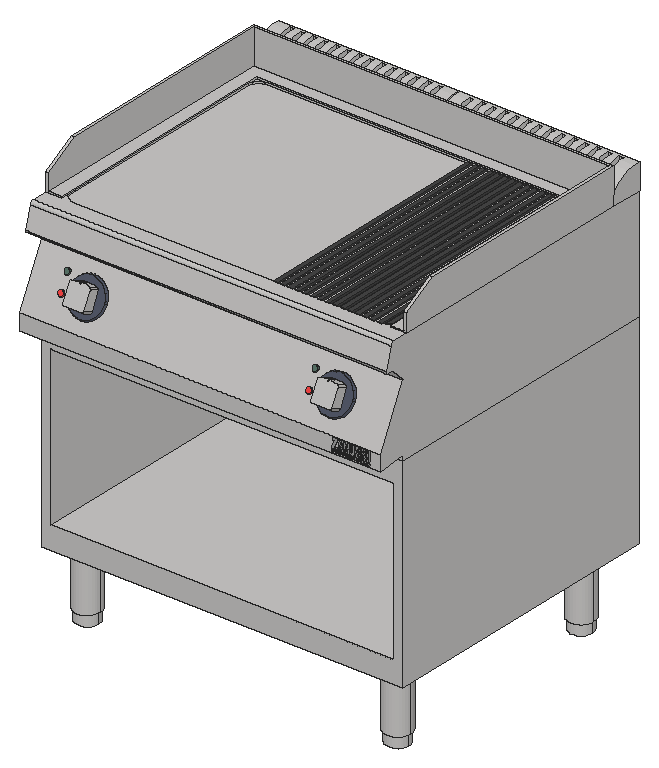
Revit family "QF_ZANUSSI_372345_Z7IIMABLMEA", category Specialty Equipment, Revit 2018
Family settings
  Round Connector Dimension = Use Diameter
  Part Type = Normal
  Work Plane-Based = No
  Always vertical = Yes
  Cut with Voids When Loaded = No
  Shared = No
  Room Calculation Point = No
Parameters (values of type "Standard")
  Weight = 80.00 kg
  Watts = 0 W
  Volts = 0 V
  URL Manufacturer = "http://www.zanussiprofessional.com"
  URL = "http://www.zanussiprofessional.com"
  Steam Supply Size = 0"
  Steam Supply Minimum Pressure = 0.00 psi
  Steam Supply Maximum Pressure = 0.00 psi
  Steam Pounds per Hour = 0
  Show Logo [instance] = yes
  Show Clearance [instance] = yes
  Refrigeration Suction Line Size = 0"
  Refrigeration Liquid Line Size = 0"
  Refrigerant Compressor Remote = yes
  Phase = 0
  Model = "Z7IIMABLMEA"
  Manufacturer = "Zanussi"
  Length Actual = 800 mm  # constant formula
  Item Number = "372345"
  Hot Water Size = 0"
  Height Actual = 850 mm  # constant formula
  HP = "0 HP"
  Gas Size = 1/2"
  Gas KW = 14
  Gas Input Pressure = 0.469158 Btu/h
  Direct Waste Size = 0"
  Description = "GAS FRY TOP-SMOOTH+RIBBED PLATE+BASE 800MM-BRUSHED CHROME"
  Depth Actual = 700 mm  # constant formula
  Cycle = 0 Hz
  Condensate Return Size = 0"
  Compressed Air Volume = 0 GPM
  Compressed Air Size = 0"
  Compressed Air Pressure = 0.00 psi
  Cold Water Size = 0"
  Assembly Code = ""
  Accessory = yes
Reference planes
  plane 1 "BACK": y = 0
  plane 2: z = 0
  plane 3 "LEFT": x = 0
  plane 4 "RIGHT": x = 800
  plane 5 "FRONT": y = -716
  plane 6 "TOP": z = 288.925
  plane 7 "Center Y": x = 400
  plane 8 "Center X": y = -358
  plane 9 "BASE": z = 600
  plane 10 "TOP A": z = 850
  plane 11: y = -597.884
  plane 12: y = -147.637
  plane 13: y = -700
  plane 14 "panel": through (-6096, -715, 65.146) normal (0, 0.8956, -0.4448)
  plane 15: z = 930
  plane 16: z = 850
  plane 17: z = 149
  plane 18: x = 748
  plane 19: y = -29
  plane 20: y = -506
Forms (mm)
  Extrusion 1, solid, material "QF_Finishes_Stainless Steel"
    sketch origin (0, 0, 576) x (0, 1, 0) y (0, 0, 1)
      loop
        line (0, 24) -> (0, 274) -> (-679.358, 274)
        arc (-679.358, 274) -> (-684.643, 271.811) -> (-686.833, 266.526) r 7.474
        line (-686.833, 266.526) -> (-699.884, 221.011)
        arc (-699.884, 221.011) -> (-699.396, 218.379) -> (-697, 217.184) r 3
        line (-697, 217.184) -> (-686.802, 217.184) -> (-654.982, 185.364) -> (-716, 64.508) -> (-716, 29.508) -> (-658.645, 37.428)
        arc (-658.645, 37.428) -> (-656.101, 36.674) -> (-655, 34.259) r 3.2
        line (-655, 34.259) -> (-655, 24) -> (0, 24)
    from 0 to 800
  Extrusion 2, void
    sketch origin (0, -2.381, 850) x (-1, 0, 0) y (0, -1, 0)
      loop
        arc (-60.425, 102.504) -> (-42.464, 109.943) -> (-35.025, 127.904) r 25.4
        line (-35.025, 127.904) -> (-35.025, 617.104)
        arc (-35.025, 617.104) -> (-42.464, 635.064) -> (-60.425, 642.504) r 25.4
        line (-60.425, 642.504) -> (-739.575, 642.504)
        arc (-739.575, 642.504) -> (-757.536, 635.064) -> (-764.975, 617.104) r 25.4
        line (-764.975, 617.104) -> (-764.975, 127.904)
        arc (-764.975, 127.904) -> (-757.536, 109.943) -> (-739.575, 102.504) r 25.4
        line (-739.575, 102.504) -> (-60.425, 102.504)
    from 0 to -3.2
  Extrusion 3, solid, material "QF_Finishes_Clearance", visible <- "Show Clearance", detail levels coarse
    sketch origin (0, 0, 576) x (1, 0, 0) y (0, 1, 0)
      loop
        line (0, -716) -> (0, 0) -> (800, 0) -> (800, -716) -> (900, -716) -> (900, 100) -> (-100, 100) -> (-100, -716) -> (0, -716)
    from -576 to 354
  Sweep 4, solid, material "QF_Finishes_Stainless Steel"
    path origin (0, -2.381, 850) x (-1, 0, 0) y (0, -1, 0)
      loop
        line (-764.975, 642.504) -> (-764.975, 102.504) -> (-35.025, 102.504) -> (-35.025, 642.504)
    profile origin (35.025, -374.885, 850) x (1, 0, 0) y (0, 0, 1)
      loop
        line (-35.025, 0) -> (0, 0) -> (0, 3.175) -> (-28.675, 3.175) -> (-28.675, 80) -> (-35.025, 80) -> (-35.025, 0)
  Extrusion 5, void
    sketch origin (0, -69.86, 850) x (0, 1, 0) y (0, 0, 1)
      loop
        line (-575.025, 40.119) -> (-501.995, 80) -> (-575.025, 80) -> (-575.025, 40.119)
    from 0 to 6.35
  Extrusion 6, void
    sketch origin (800, -644.885, 850) x (0, -1, 0) y (0, 0, 1)
      loop
        line (0, 40.119) -> (0, 80) -> (-73.03, 80) -> (0, 40.119)
    from 0 to 6.35
  Extrusion 7, solid, material "QF_Finishes_Stainless Steel"
    sketch origin (0, 0, 576) x (0, 1, 0) y (0, 0, 1)
      loop
        line (0, 274) -> (0, 331.492)
        arc (0, 331.492) -> (-38.8, 324.37) -> (-69.85, 300.038) r 82.447
        line (-69.85, 300.038) -> (-69.85, 274) -> (0, 274)
    from 0 to 400.05
  Extrusion 8, void
    sketch origin (0, 0, 850.638) x (0, -1, 0) y (1, 0, 0)
      loop
        line (6.761, 29.703) -> (63.911, 29.703) -> (63.911, 38.999) -> (6.761, 38.999) -> (6.761, 29.703)
      loop
        line (63.911, 64.487) -> (6.761, 64.487) -> (6.761, 55.191) -> (63.911, 55.191) -> (63.911, 64.487)
      loop
        line (63.911, 89.975) -> (6.761, 89.975) -> (6.761, 80.68) -> (63.911, 80.68) -> (63.911, 89.975)
      loop
        line (63.911, 115.464) -> (6.761, 115.464) -> (6.761, 106.168) -> (63.911, 106.168) -> (63.911, 115.464)
      loop
        line (63.911, 140.952) -> (6.761, 140.952) -> (6.761, 131.656) -> (63.911, 131.656) -> (63.911, 140.952)
      loop
        line (63.911, 166.44) -> (6.761, 166.44) -> (6.761, 157.145) -> (63.911, 157.145) -> (63.911, 166.44)
      loop
        line (63.911, 191.929) -> (6.761, 191.929) -> (6.761, 182.633) -> (63.911, 182.633) -> (63.911, 191.929)
      loop
        line (63.911, 217.417) -> (6.761, 217.417) -> (6.761, 208.121) -> (63.911, 208.121) -> (63.911, 217.417)
      loop
        line (63.911, 242.905) -> (6.761, 242.905) -> (6.761, 233.61) -> (63.911, 233.61) -> (63.911, 242.905)
      loop
        line (63.911, 268.394) -> (6.761, 268.394) -> (6.761, 259.098) -> (63.911, 259.098) -> (63.911, 268.394)
      loop
        line (63.911, 293.882) -> (6.761, 293.882) -> (6.761, 284.586) -> (63.911, 284.586) -> (63.911, 293.882)
      loop
        line (63.911, 319.37) -> (6.761, 319.37) -> (6.761, 310.075) -> (63.911, 310.075) -> (63.911, 319.37)
      loop
        line (63.911, 344.859) -> (6.761, 344.859) -> (6.761, 335.563) -> (63.911, 335.563) -> (63.911, 344.859)
      loop
        line (63.911, 370.347) -> (6.761, 370.347) -> (6.761, 361.051) -> (63.911, 361.051) -> (63.911, 370.347)
    from 25.4 to 63.5
  Extrusion 9, solid, material "QF_Finishes_Stainless Steel"
    sketch origin (400.05, 0, 576) x (0, 1, 0) y (0, 0, 1)
      loop
        line (0, 274) -> (0, 331.492)
        arc (0, 331.492) -> (-38.8, 324.37) -> (-69.85, 300.038) r 82.447
        line (-69.85, 300.038) -> (-69.85, 274) -> (0, 274)
    from 0 to 400.05
  Extrusion 10, void
    sketch origin (400.05, 0, 850.638) x (0, -1, 0) y (1, 0, 0)
      loop
        line (6.761, 29.653) -> (63.911, 29.653) -> (63.911, 38.949) -> (6.761, 38.949) -> (6.761, 29.653)
      loop
        line (63.911, 64.437) -> (6.761, 64.437) -> (6.761, 55.141) -> (63.911, 55.141) -> (63.911, 64.437)
      loop
        line (63.911, 89.925) -> (6.761, 89.925) -> (6.761, 80.63) -> (63.911, 80.63) -> (63.911, 89.925)
      loop
        line (63.911, 115.414) -> (6.761, 115.414) -> (6.761, 106.118) -> (63.911, 106.118) -> (63.911, 115.414)
      loop
        line (63.911, 140.902) -> (6.761, 140.902) -> (6.761, 131.606) -> (63.911, 131.606) -> (63.911, 140.902)
      loop
        line (63.911, 166.39) -> (6.761, 166.39) -> (6.761, 157.095) -> (63.911, 157.095) -> (63.911, 166.39)
      loop
        line (63.911, 191.879) -> (6.761, 191.879) -> (6.761, 182.583) -> (63.911, 182.583) -> (63.911, 191.879)
      loop
        line (63.911, 217.367) -> (6.761, 217.367) -> (6.761, 208.071) -> (63.911, 208.071) -> (63.911, 217.367)
      loop
        line (63.911, 242.855) -> (6.761, 242.855) -> (6.761, 233.56) -> (63.911, 233.56) -> (63.911, 242.855)
      loop
        line (63.911, 268.344) -> (6.761, 268.344) -> (6.761, 259.048) -> (63.911, 259.048) -> (63.911, 268.344)
      loop
        line (63.911, 293.832) -> (6.761, 293.832) -> (6.761, 284.536) -> (63.911, 284.536) -> (63.911, 293.832)
      loop
        line (63.911, 319.32) -> (6.761, 319.32) -> (6.761, 310.025) -> (63.911, 310.025) -> (63.911, 319.32)
      loop
        line (63.911, 344.809) -> (6.761, 344.809) -> (6.761, 335.513) -> (63.911, 335.513) -> (63.911, 344.809)
      loop
        line (63.911, 370.297) -> (6.761, 370.297) -> (6.761, 361.001) -> (63.911, 361.001) -> (63.911, 370.297)
    from 25.4 to 63.5
  Blend 11, solid, material "QF_Finishes_Navy Blue"
    base sketch origin (675, -684.991, 701.574) x (1, 0, 0) y (0, 0.444781, 0.895639)
      loop
        circle (0, 0) r 42.5
    top sketch origin (675, -684.991, 701.574) x (1, 0, 0) y (0, 0.444781, 0.895639)
      loop
        circle (0, 0) r 40.5
    from 0 to 5
  Extrusion 12, solid, material "QF_Finishes_Stainless Steel"
    sketch origin (675, -684.991, 701.574) x (1, 0, 0) y (0, 0.444781, 0.895639)
      loop
        arc (-21.147, 22.789) -> (-22.494, 21.685) -> (-23, 20.019) r 2.997
        line (-23, 20.019) -> (-23, -20.019)
        arc (-23, -20.019) -> (-22.122, -22.138) -> (-20.003, -23.016) r 2.997
        line (-20.003, -23.016) -> (20.003, -23.016)
        arc (20.003, -23.016) -> (22.122, -22.138) -> (23, -20.019) r 2.997
        line (23, -20.019) -> (23, 20.019)
        arc (23, 20.019) -> (22.494, 21.685) -> (21.147, 22.789) r 2.997
        arc (21.147, 22.789) -> (0, 26.984) -> (-21.147, 22.789) r 55.4
    from 10 to 34
  Extrusion 13, solid, material "QF_Plastic-Black-Matte"
    sketch origin (755, -684.991, 701.574) x (0, 0.444781, 0.895639) y (0, -0.895639, 0.444781)
      loop
        line (26.984, 34) -> (26.984, 19) -> (27.984, 19) -> (27.984, 34)
        arc (27.984, 34) -> (27.691, 34.707) -> (26.984, 35) r 1
        line (26.984, 35) -> (23.984, 35) -> (23.984, 34) -> (26.984, 34)
    from -81 to -79
  Extrusion 14, solid, material "QF_Finishes_Red"
    sketch origin (675, -689.439, 692.617) x (1, 0, 0) y (0, 0.444781, 0.895639)
      loop
        circle (-55.001, 0) r 6
    from 0 to 1.6
  Extrusion 15, solid, material "QF_Finishes_Stainless Steel"
    sketch origin (675, -684.991, 701.574) x (1, 0, 0) y (0, 0.444781, 0.895639)
      loop
        line (17.5, 17.5) -> (-17.5, 17.5) -> (-17.5, -17.5) -> (17.5, -17.5) -> (17.5, 17.5)
    from 5 to 10
  Extrusion 16, solid, material "QF_Finishes_DarkGreen"
    sketch origin (675, -671.648, 728.443) x (1, 0, 0) y (0, 0.444781, 0.895639)
      loop
        circle (-55.001, 0) r 6
    from 0 to 1.6
  Blend 17, solid, material "QF_Finishes_Navy Blue"
    base sketch origin (125, -684.991, 701.574) x (1, 0, 0) y (0, 0.444781, 0.895639)
      loop
        circle (0, 0) r 42.5
    top sketch origin (125, -684.991, 701.574) x (1, 0, 0) y (0, 0.444781, 0.895639)
      loop
        circle (0, 0) r 40.5
    from 0 to 5
  Extrusion 18, solid, material "QF_Finishes_Stainless Steel"
    sketch origin (125, -684.991, 701.574) x (1, 0, 0) y (0, 0.444781, 0.895639)
      loop
        arc (-21.147, 22.789) -> (-22.494, 21.685) -> (-23, 20.019) r 2.997
        line (-23, 20.019) -> (-23, -20.019)
        arc (-23, -20.019) -> (-22.122, -22.138) -> (-20.003, -23.016) r 2.997
        line (-20.003, -23.016) -> (20.003, -23.016)
        arc (20.003, -23.016) -> (22.122, -22.138) -> (23, -20.019) r 2.997
        line (23, -20.019) -> (23, 20.019)
        arc (23, 20.019) -> (22.494, 21.685) -> (21.147, 22.789) r 2.997
        arc (21.147, 22.789) -> (0, 26.984) -> (-21.147, 22.789) r 55.4
    from 10 to 34
  Extrusion 19, solid, material "QF_Plastic-Black-Matte"
    sketch origin (205, -684.991, 701.574) x (0, 0.444781, 0.895639) y (0, -0.895639, 0.444781)
      loop
        line (26.984, 34) -> (26.984, 19) -> (27.984, 19) -> (27.984, 34)
        arc (27.984, 34) -> (27.691, 34.707) -> (26.984, 35) r 1
        line (26.984, 35) -> (23.984, 35) -> (23.984, 34) -> (26.984, 34)
    from -81 to -79
  Extrusion 20, solid, material "QF_Finishes_Red"
    sketch origin (125, -689.439, 692.617) x (1, 0, 0) y (0, 0.444781, 0.895639)
      loop
        circle (-55.001, 0) r 6
    from 0 to 1.6
  Extrusion 21, solid, material "QF_Finishes_Stainless Steel"
    sketch origin (125, -684.991, 701.574) x (1, 0, 0) y (0, 0.444781, 0.895639)
      loop
        line (17.5, 17.5) -> (-17.5, 17.5) -> (-17.5, -17.5) -> (17.5, -17.5) -> (17.5, 17.5)
    from 5 to 10
  Extrusion 22, solid, material "QF_Finishes_DarkGreen"
    sketch origin (125, -671.648, 728.443) x (1, 0, 0) y (0, 0.444781, 0.895639)
      loop
        circle (-55.001, 0) r 6
    from 0 to 1.6
  Extrusion 23, solid, material "QF_Finishes_Stainless Steel"
    sketch origin (0, 0, 0) x (1, 0, 0) y (0, 1, 0)
      loop
        line (0, 0) -> (0, -655) -> (800, -655) -> (800, 0) -> (0, 0)
    from 149 to 600
  Extrusion 24, void
    sketch origin (830.077, -655, 0) x (1, 0, 0) y (0, 0, -1)
      loop
        line (-810.077, -199) -> (-810.077, -550) -> (-50.077, -550) -> (-50.077, -199) -> (-810.077, -199)
    from 0 to 507.362
  Extrusion 25, solid, material "QF_Finishes_Stainless Steel"
    sketch origin (0, 0, 139) x (1, 0, 0) y (0, 1, 0)
      loop
        circle (748, -506) r 10
    from 0 to 10
  Extrusion 26, solid, material "QF_Finishes_Black"
    sketch origin (462, -715, 576) x (1, 0, 0) y (0, 0, 1)
      loop
        line (51.5, 274) -> (42.5, 274) -> (42.5, 270.8) -> (51.5, 270.8) -> (51.5, 274)
    from -610.115 to -70.115
  Extrusion 27, solid, material "QF_Finishes_Black"
    sketch origin (478.5, -715, 576) x (1, 0, 0) y (0, 0, 1)
      loop
        line (51.5, 274) -> (42.5, 274) -> (42.5, 270.8) -> (51.5, 270.8) -> (51.5, 274)
    from -610.115 to -70.115
  Extrusion 28, solid, material "QF_Finishes_Black"
    sketch origin (495, -715, 576) x (1, 0, 0) y (0, 0, 1)
      loop
        line (51.5, 274) -> (42.5, 274) -> (42.5, 270.8) -> (51.5, 270.8) -> (51.5, 274)
    from -610.115 to -70.115
  Extrusion 29, solid, material "QF_Finishes_Black"
    sketch origin (511.5, -715, 576) x (1, 0, 0) y (0, 0, 1)
      loop
        line (51.5, 274) -> (42.5, 274) -> (42.5, 270.8) -> (51.5, 270.8) -> (51.5, 274)
    from -610.115 to -70.115
  Extrusion 30, solid, material "QF_Finishes_Black"
    sketch origin (528, -715, 576) x (1, 0, 0) y (0, 0, 1)
      loop
        line (51.5, 274) -> (42.5, 274) -> (42.5, 270.8) -> (51.5, 270.8) -> (51.5, 274)
    from -610.115 to -70.115
  Extrusion 31, solid, material "QF_Finishes_Black"
    sketch origin (544.5, -715, 576) x (1, 0, 0) y (0, 0, 1)
      loop
        line (51.5, 274) -> (42.5, 274) -> (42.5, 270.8) -> (51.5, 270.8) -> (51.5, 274)
    from -610.115 to -70.115
  Extrusion 32, solid, material "QF_Finishes_Black"
    sketch origin (561, -715, 576) x (1, 0, 0) y (0, 0, 1)
      loop
        line (51.5, 274) -> (42.5, 274) -> (42.5, 270.8) -> (51.5, 270.8) -> (51.5, 274)
    from -610.115 to -70.115
  Extrusion 33, solid, material "QF_Finishes_Black"
    sketch origin (577.5, -715, 576) x (1, 0, 0) y (0, 0, 1)
      loop
        line (51.5, 274) -> (42.5, 274) -> (42.5, 270.8) -> (51.5, 270.8) -> (51.5, 274)
    from -610.115 to -70.115
  Extrusion 34, solid, material "QF_Finishes_Black"
    sketch origin (594, -715, 576) x (1, 0, 0) y (0, 0, 1)
      loop
        line (51.5, 274) -> (42.5, 274) -> (42.5, 270.8) -> (51.5, 270.8) -> (51.5, 274)
    from -610.115 to -70.115
  Extrusion 35, solid, material "QF_Finishes_Black"
    sketch origin (610.5, -715, 576) x (1, 0, 0) y (0, 0, 1)
      loop
        line (51.5, 274) -> (42.5, 274) -> (42.5, 270.8) -> (51.5, 270.8) -> (51.5, 274)
    from -610.115 to -70.115
  Extrusion 36, solid, material "QF_Finishes_Black"
    sketch origin (627, -715, 576) x (1, 0, 0) y (0, 0, 1)
      loop
        line (51.5, 274) -> (42.5, 274) -> (42.5, 270.8) -> (51.5, 270.8) -> (51.5, 274)
    from -610.115 to -70.115
  Extrusion 37, solid, material "QF_Finishes_Black"
    sketch origin (643.5, -715, 576) x (1, 0, 0) y (0, 0, 1)
      loop
        line (51.5, 274) -> (42.5, 274) -> (42.5, 270.8) -> (51.5, 270.8) -> (51.5, 274)
    from -610.115 to -70.115
  Extrusion 38, solid, material "QF_Finishes_Black"
    sketch origin (660, -715, 576) x (1, 0, 0) y (0, 0, 1)
      loop
        line (51.475, 274) -> (42.475, 274) -> (42.475, 270.8) -> (51.475, 270.8) -> (51.475, 274)
    from -610.115 to -70.115
  Extrusion 39, solid, material "QF_Finishes_Black"
    sketch origin (676.5, -715, 576) x (1, 0, 0) y (0, 0, 1)
      loop
        line (51.475, 274) -> (42.475, 274) -> (42.475, 270.8) -> (51.475, 270.8) -> (51.475, 274)
    from -610.115 to -70.115
  Extrusion 40, solid, material "QF_Finishes_Black"
    sketch origin (693, -715, 576) x (1, 0, 0) y (0, 0, 1)
      loop
        line (51.475, 274) -> (42.475, 274) -> (42.475, 270.8) -> (51.475, 270.8) -> (51.475, 274)
    from -610.115 to -70.115
  Extrusion 41, solid, material "QF_Finishes_Black"
    sketch origin (-600, 0, 575.362) x (1, 0, 0) y (0, 1, 0)
      loop
        arc (1351.975, -641.652) -> (1356.999, -637.966) -> (1360.975, -633.167) r 25.4
        line (1360.975, -633.167) -> (1360.975, -116.603)
        arc (1360.975, -116.603) -> (1356.999, -111.804) -> (1351.975, -108.117) r 25.4
        line (1351.975, -108.117) -> (1351.975, -641.652)
    from 271.438 to 274.638
Cuts and joins
  Extrusion 2 cuts Extrusion 1
  Extrusion 5, Extrusion 6 cuts Sweep 4
  Extrusion 8 cuts Extrusion 7
  Extrusion 10 cuts Extrusion 9
  Extrusion 24 cuts Extrusion 23
Lines and regions (mm)
  Split face 1
    outline origin (676.664, -684.796, 713.208) x (1, 0, 0) y (0, 0.444781, 0.895639)
      loop
        circle (-34, 0) r 1.5
  Split face 2
    outline origin (673.297, -687.581, 707.6) x (1, 0, 0) y (0, 0.444781, 0.895639)
      loop
        circle (-30.633, -14.752) r 1.5
  Split face 3
    outline origin (676.214, -689.88, 702.97) x (1, 0, 0) y (0, 0.444781, 0.895639)
      loop
        circle (-21.199, -26.582) r 1.5
  Split face 4
    outline origin (682.566, -689.848, 703.034) x (1, 0, 0) y (0, 0.444781, 0.895639)
      loop
        circle (-7.566, -33.148) r 1.5
  Split face 5
    outline origin (687.419, -686.96, 708.85) x (1, 0, 0) y (0, 0.444781, 0.895639)
      loop
        circle (7.566, -33.148) r 1.5
  Split face 6
    outline origin (686.137, -682.319, 718.196) x (1, 0, 0) y (0, 0.444781, 0.895639)
      loop
        circle (21.199, -26.582) r 1.5
  Split face 7
    outline origin (676.5, -678.264, 726.361) x (1, 0, 0) y (0, 0.444781, 0.895639)
      loop
        circle (30.633, -14.752) r 1.5
  Split face 8
    outline origin (660.985, -677.235, 728.433) x (1, 0, 0) y (0, 0.444781, 0.895639)
      loop
        circle (34, 0) r 1.5
  Split face 9
    outline origin (675, -689.469, 703.797) x (1, 0, 0) y (0, 0.444781, 0.895639)
      loop
        circle (0, 33.561) r 1.5
  Split face 10
    outline origin (126.664, -684.796, 713.208) x (1, 0, 0) y (0, 0.444781, 0.895639)
      loop
        circle (-34, 0) r 1.5
  Split face 11
    outline origin (123.297, -687.581, 707.6) x (1, 0, 0) y (0, 0.444781, 0.895639)
      loop
        circle (-30.633, -14.752) r 1.5
  Split face 12
    outline origin (126.214, -689.88, 702.97) x (1, 0, 0) y (0, 0.444781, 0.895639)
      loop
        circle (-21.199, -26.582) r 1.5
  Split face 13
    outline origin (132.566, -689.848, 703.034) x (1, 0, 0) y (0, 0.444781, 0.895639)
      loop
        circle (-7.566, -33.148) r 1.5
  Split face 14
    outline origin (137.419, -686.96, 708.85) x (1, 0, 0) y (0, 0.444781, 0.895639)
      loop
        circle (7.566, -33.148) r 1.5
  Split face 15
    outline origin (136.137, -682.319, 718.196) x (1, 0, 0) y (0, 0.444781, 0.895639)
      loop
        circle (21.199, -26.582) r 1.5
  Split face 16
    outline origin (126.5, -678.264, 726.361) x (1, 0, 0) y (0, 0.444781, 0.895639)
      loop
        circle (30.633, -14.752) r 1.5
  Split face 17
    outline origin (110.985, -677.235, 728.433) x (1, 0, 0) y (0, 0.444781, 0.895639)
      loop
        circle (34, 0) r 1.5
  Split face 18
    outline origin (125, -689.469, 703.797) x (1, 0, 0) y (0, 0.444781, 0.895639)
      loop
        circle (0, 33.561) r 1.5
  symbolic lines, style "QF-Clearances", visible <- "Show Clearance", detail levels coarse
    curve 1: line (-100, 100, 850) -> (-100, -716, 850)
    curve 2: line (900, 100, 850) -> (-100, 100, 850)
    curve 3: line (900, -717.377, 850) -> (900, 100, 850)
  symbolic lines
    curve 4: line (0, 0, 850) -> (800, 0, 850)
    curve 5: line (0, -716, 850) -> (0, 0, 850)
    curve 6: line (800, 0, 850) -> (800, -716, 850)
    curve 7: line (35.025, -104.885, 850) -> (35.025, -644.885, 850)
    curve 8: arc (35.025, -619.485, 850) -> (42.464, -637.445, 850) -> (60.425, -644.885, 850) r 25.4
    curve 9: line (0, -644.885, 850) -> (35.025, -644.885, 850)
    curve 10: arc (739.215, -644.885, 850) -> (757.736, -637.213, 850) -> (765.407, -618.692, 850) r 26.193
    curve 11: line (765.407, -644.885, 850) -> (765.407, -104.885, 850)
    curve 12: line (765.407, -104.885, 850) -> (35.025, -104.885, 850)
    curve 13: line (0, -69.85, 850) -> (800, -69.85, 850)
    curve 14: arc (64.125, -104.885, 850) -> (43.548, -113.408, 850) -> (35.025, -133.985, 850) r 29.1
    curve 15: arc (739.863, -104.885, 850) -> (757.926, -112.367, 850) -> (765.407, -130.429, 850) r 25.544
    curve 16: line (6.35, -76.21, 850) -> (6.35, -644.885, 850)
    curve 17: line (6.35, -76.21, 850) -> (793.65, -76.21, 850)
    curve 18: line (793.65, -76.21, 850) -> (793.65, -644.885, 850)
    curve 19: line (765.407, -644.885, 850) -> (800, -644.885, 850)
    curve 20: line (60.425, -644.885, 850) -> (739.215, -644.885, 850)
    curve 21: line (0, 0, 274.638) -> (800, 0, 274.638)
    curve 22: line (0, -69.85, 274.638) -> (800, -69.85, 274.638)
    curve 23: line (29.703, -6.761, 0) -> (38.999, -6.761, 0)
    curve 24: line (29.703, -63.911, 0) -> (29.703, -6.761, 0)
    curve 25: line (38.999, -63.911, 0) -> (29.703, -63.911, 0)
    curve 26: line (38.999, -6.761, 0) -> (38.999, -63.911, 0)
    curve 27: line (55.191, -6.761, 0) -> (64.487, -6.761, 0)
    curve 28: line (55.191, -63.911, 0) -> (55.191, -6.761, 0)
    curve 29: line (64.487, -63.911, 0) -> (55.191, -63.911, 0)
    curve 30: line (64.487, -6.761, 0) -> (64.487, -63.911, 0)
    curve 31: line (80.68, -6.761, 0) -> (89.975, -6.761, 0)
    curve 32: line (80.68, -63.911, 0) -> (80.68, -6.761, 0)
    curve 33: line (89.975, -63.911, 0) -> (80.68, -63.911, 0)
    curve 34: line (89.975, -6.761, 0) -> (89.975, -63.911, 0)
    curve 35: line (106.168, -6.761, 0) -> (115.464, -6.761, 0)
    curve 36: line (106.168, -63.911, 0) -> (106.168, -6.761, 0)
    curve 37: line (115.464, -63.911, 0) -> (106.168, -63.911, 0)
    curve 38: line (115.464, -6.761, 0) -> (115.464, -63.911, 0)
    curve 39: line (131.656, -6.761, 0) -> (140.952, -6.761, 0)
    curve 40: line (131.656, -63.911, 0) -> (131.656, -6.761, 0)
    curve 41: line (140.952, -63.911, 0) -> (131.656, -63.911, 0)
    curve 42: line (140.952, -6.761, 0) -> (140.952, -63.911, 0)
    curve 43: line (157.145, -6.761, 0) -> (166.44, -6.761, 0)
    curve 44: line (157.145, -63.911, 0) -> (157.145, -6.761, 0)
    curve 45: line (166.44, -63.911, 0) -> (157.145, -63.911, 0)
    curve 46: line (166.44, -6.761, 0) -> (166.44, -63.911, 0)
    curve 47: line (182.633, -6.761, 0) -> (191.929, -6.761, 0)
    curve 48: line (182.633, -63.911, 0) -> (182.633, -6.761, 0)
    curve 49: line (191.929, -63.911, 0) -> (182.633, -63.911, 0)
    curve 50: line (191.929, -6.761, 0) -> (191.929, -63.911, 0)
    curve 51: line (208.121, -6.761, 0) -> (217.417, -6.761, 0)
    curve 52: line (208.121, -63.911, 0) -> (208.121, -6.761, 0)
    curve 53: line (217.417, -63.911, 0) -> (208.121, -63.911, 0)
    curve 54: line (217.417, -6.761, 0) -> (217.417, -63.911, 0)
    curve 55: line (233.61, -6.761, 0) -> (242.905, -6.761, 0)
    curve 56: line (233.61, -63.911, 0) -> (233.61, -6.761, 0)
    curve 57: line (242.905, -63.911, 0) -> (233.61, -63.911, 0)
    curve 58: line (242.905, -6.761, 0) -> (242.905, -63.911, 0)
    curve 59: line (259.098, -6.761, 0) -> (268.394, -6.761, 0)
    curve 60: line (259.098, -63.911, 0) -> (259.098, -6.761, 0)
    curve 61: line (268.394, -63.911, 0) -> (259.098, -63.911, 0)
    curve 62: line (268.394, -6.761, 0) -> (268.394, -63.911, 0)
    curve 63: line (284.586, -6.761, 0) -> (293.882, -6.761, 0)
    curve 64: line (284.586, -63.911, 0) -> (284.586, -6.761, 0)
    curve 65: line (293.882, -63.911, 0) -> (284.586, -63.911, 0)
    curve 66: line (293.882, -6.761, 0) -> (293.882, -63.911, 0)
    curve 67: line (310.075, -6.761, 0) -> (319.37, -6.761, 0)
    curve 68: line (310.075, -63.911, 0) -> (310.075, -6.761, 0)
    curve 69: line (319.37, -63.911, 0) -> (310.075, -63.911, 0)
    curve 70: line (319.37, -6.761, 0) -> (319.37, -63.911, 0)
    curve 71: line (335.563, -6.761, 0) -> (344.859, -6.761, 0)
    curve 72: line (335.563, -63.911, 0) -> (335.563, -6.761, 0)
    curve 73: line (344.859, -63.911, 0) -> (335.563, -63.911, 0)
    curve 74: line (344.859, -6.761, 0) -> (344.859, -63.911, 0)
    curve 75: line (361.051, -6.761, 0) -> (370.347, -6.761, 0)
    curve 76: line (361.051, -63.911, 0) -> (361.051, -6.761, 0)
    curve 77: line (370.347, -63.911, 0) -> (361.051, -63.911, 0)
    curve 78: line (370.347, -6.761, 0) -> (370.347, -63.911, 0)
    curve 79: line (400, 0, 0) -> (400, -69.85, 0)
    curve 80: line (770.347, -6.761, 0) -> (761.051, -6.761, 0)
    curve 81: line (770.347, -63.911, 0) -> (770.347, -6.761, 0)
    curve 82: line (761.051, -63.911, 0) -> (770.347, -63.911, 0)
    curve 83: line (761.051, -6.761, 0) -> (761.051, -63.911, 0)
    curve 84: line (744.859, -6.761, 0) -> (735.563, -6.761, 0)
    curve 85: line (744.859, -63.911, 0) -> (744.859, -6.761, 0)
    curve 86: line (735.563, -63.911, 0) -> (744.859, -63.911, 0)
    curve 87: line (735.563, -6.761, 0) -> (735.563, -63.911, 0)
    curve 88: line (719.37, -6.761, 0) -> (710.075, -6.761, 0)
    curve 89: line (719.37, -63.911, 0) -> (719.37, -6.761, 0)
    curve 90: line (710.075, -63.911, 0) -> (719.37, -63.911, 0)
    curve 91: line (710.075, -6.761, 0) -> (710.075, -63.911, 0)
    curve 92: line (693.882, -6.761, 0) -> (684.586, -6.761, 0)
    curve 93: line (693.882, -63.911, 0) -> (693.882, -6.761, 0)
    curve 94: line (684.586, -63.911, 0) -> (693.882, -63.911, 0)
    curve 95: line (684.586, -6.761, 0) -> (684.586, -63.911, 0)
    curve 96: line (668.394, -6.761, 0) -> (659.098, -6.761, 0)
    curve 97: line (668.394, -63.911, 0) -> (668.394, -6.761, 0)
    curve 98: line (659.098, -63.911, 0) -> (668.394, -63.911, 0)
    curve 99: line (659.098, -6.761, 0) -> (659.098, -63.911, 0)
    curve 100: line (642.905, -6.761, 0) -> (633.61, -6.761, 0)
    curve 101: line (642.905, -63.911, 0) -> (642.905, -6.761, 0)
    curve 102: line (633.61, -63.911, 0) -> (642.905, -63.911, 0)
    curve 103: line (633.61, -6.761, 0) -> (633.61, -63.911, 0)
    curve 104: line (617.417, -6.761, 0) -> (608.121, -6.761, 0)
    curve 105: line (617.417, -63.911, 0) -> (617.417, -6.761, 0)
    curve 106: line (608.121, -63.911, 0) -> (617.417, -63.911, 0)
    curve 107: line (608.121, -6.761, 0) -> (608.121, -63.911, 0)
    curve 108: line (591.929, -6.761, 0) -> (582.633, -6.761, 0)
    curve 109: line (591.929, -63.911, 0) -> (591.929, -6.761, 0)
    curve 110: line (582.633, -63.911, 0) -> (591.929, -63.911, 0)
    curve 111: line (582.633, -6.761, 0) -> (582.633, -63.911, 0)
    curve 112: line (566.44, -6.761, 0) -> (557.145, -6.761, 0)
    curve 113: line (566.44, -63.911, 0) -> (566.44, -6.761, 0)
    curve 114: line (557.145, -63.911, 0) -> (566.44, -63.911, 0)
    curve 115: line (557.145, -6.761, 0) -> (557.145, -63.911, 0)
    curve 116: line (540.952, -6.761, 0) -> (531.656, -6.761, 0)
    curve 117: line (540.952, -63.911, 0) -> (540.952, -6.761, 0)
    curve 118: line (531.656, -63.911, 0) -> (540.952, -63.911, 0)
    curve 119: line (531.656, -6.761, 0) -> (531.656, -63.911, 0)
    curve 120: line (515.464, -6.761, 0) -> (506.168, -6.761, 0)
    curve 121: line (515.464, -63.911, 0) -> (515.464, -6.761, 0)
    curve 122: line (506.168, -63.911, 0) -> (515.464, -63.911, 0)
    curve 123: line (506.168, -6.761, 0) -> (506.168, -63.911, 0)
    curve 124: line (489.975, -6.761, 0) -> (480.68, -6.761, 0)
    curve 125: line (489.975, -63.911, 0) -> (489.975, -6.761, 0)
    curve 126: line (480.68, -63.911, 0) -> (489.975, -63.911, 0)
    curve 127: line (480.68, -6.761, 0) -> (480.68, -63.911, 0)
    curve 128: line (464.487, -6.761, 0) -> (455.191, -6.761, 0)
    curve 129: line (464.487, -63.911, 0) -> (464.487, -6.761, 0)
    curve 130: line (455.191, -63.911, 0) -> (464.487, -63.911, 0)
    curve 131: line (455.191, -6.761, 0) -> (455.191, -63.911, 0)
    curve 132: line (438.999, -6.761, 0) -> (429.703, -6.761, 0)
    curve 133: line (438.999, -63.911, 0) -> (438.999, -6.761, 0)
    curve 134: line (429.703, -63.911, 0) -> (438.999, -63.911, 0)
    curve 135: line (429.703, -6.761, 0) -> (429.703, -63.911, 0)
    curve 136: line (0, -700, 0) -> (800, -700, 0)
    curve 137: line (698, -700, 0) -> (698, -725.347, 0)
    curve 138: arc (698, -725.347, 0) -> (697.854, -725.811, 0) -> (697.468, -726.107, 0) r 0.809
    curve 139: arc (697.468, -726.107, 0) -> (696.28, -726.587, 0) -> (695.003, -726.68, 0) r 4.127
    curve 140: arc (698, -704.292, 0) -> (703.041, -702.458, 0) -> (707.809, -700, 0) r 42.24
    curve 141: arc (698, -706.539, 0) -> (697.498, -705.818, 0) -> (696.701, -705.448, 0) r 1.682
    curve 142: arc (696.701, -705.448, 0) -> (686.397, -703.964, 0) -> (676, -703.459, 0) r 110.06
    curve 143: line (676, -700, 0) -> (676, -705.671, 0)
    curve 144: line (676, -705.671, 0) -> (674, -705.671, 0)
    curve 145: line (674, -705.671, 0) -> (674, -700, 0)
    curve 146: line (652, -700, 0) -> (652, -725.347, 0)
    curve 147: arc (652, -725.347, 0) -> (652.146, -725.811, 0) -> (652.532, -726.107, 0) r 0.809
    curve 148: arc (652.532, -726.107, 0) -> (653.72, -726.587, 0) -> (654.997, -726.68, 0) r 4.127
    curve 149: arc (652, -704.292, 0) -> (646.959, -702.458, 0) -> (642.191, -700, 0) r 42.24
    curve 150: arc (652, -706.539, 0) -> (652.502, -705.818, 0) -> (653.299, -705.448, 0) r 1.682
    curve 151: arc (653.299, -705.448, 0) -> (663.603, -703.964, 0) -> (674, -703.459, 0) r 110.06
    curve 152: line (695.003, -726.68, 0) -> (654.997, -726.68, 0)
    curve 153: line (148, -716, 0) -> (652, -716, 0)
    curve 154: line (698, -716, 0) -> (800, -716, 0)
    curve 155: line (148, -700, 0) -> (148, -725.347, 0)
    curve 156: arc (148, -725.347, 0) -> (147.854, -725.811, 0) -> (147.468, -726.107, 0) r 0.809
    curve 157: arc (147.468, -726.107, 0) -> (146.28, -726.587, 0) -> (145.003, -726.68, 0) r 4.127
    curve 158: arc (148, -704.292, 0) -> (153.041, -702.458, 0) -> (157.809, -700, 0) r 42.24
    curve 159: arc (148, -706.539, 0) -> (147.498, -705.818, 0) -> (146.701, -705.448, 0) r 1.682
    curve 160: arc (146.701, -705.448, 0) -> (136.397, -703.964, 0) -> (126, -703.459, 0) r 110.06
    curve 161: line (126, -700, 0) -> (126, -705.671, 0)
    curve 162: line (126, -705.671, 0) -> (124, -705.671, 0)
    curve 163: line (124, -705.671, 0) -> (124, -700, 0)
    curve 164: line (102, -700, 0) -> (102, -725.347, 0)
    curve 165: arc (102, -725.347, 0) -> (102.146, -725.811, 0) -> (102.532, -726.107, 0) r 0.809
    curve 166: arc (102.532, -726.107, 0) -> (103.72, -726.587, 0) -> (104.997, -726.68, 0) r 4.127
    curve 167: arc (102, -704.292, 0) -> (96.959, -702.458, 0) -> (92.191, -700, 0) r 42.24
    curve 168: arc (102, -706.539, 0) -> (102.502, -705.818, 0) -> (103.299, -705.448, 0) r 1.682
    curve 169: arc (103.299, -705.448, 0) -> (113.603, -703.964, 0) -> (124, -703.459, 0) r 110.06
    curve 170: line (145.003, -726.68, 0) -> (104.997, -726.68, 0)
    curve 171: line (102, -716, 0) -> (0, -716, 0)
    curve 174: line (509, -104.885, 0) -> (509, -644.885, 0)
    curve 175: line (525.5, -104.885, 0) -> (525.5, -644.885, 0)
    curve 176: line (542, -104.885, 0) -> (542, -644.885, 0)
    curve 177: line (558.5, -104.885, 0) -> (558.5, -644.885, 0)
    curve 178: line (575, -104.885, 0) -> (575, -644.885, 0)
    curve 179: line (591.5, -104.885, 0) -> (591.5, -644.885, 0)
    curve 180: line (608, -104.885, 0) -> (608, -644.885, 0)
    curve 181: line (624.5, -104.885, 0) -> (624.5, -644.885, 0)
    curve 182: line (641, -104.885, 0) -> (641, -644.885, 0)
    curve 183: line (657.5, -104.885, 0) -> (657.5, -644.885, 0)
    curve 184: line (674, -104.885, 0) -> (674, -644.885, 0)
    curve 185: line (690.5, -104.885, 0) -> (690.5, -644.885, 0)
    curve 186: line (706.975, -104.885, 0) -> (706.975, -644.885, 0)
    curve 187: line (723.475, -104.885, 0) -> (723.475, -644.885, 0)
    curve 188: line (739.575, -104.885, 0) -> (739.575, -644.885, 0)
    curve 189: line (756.286, -111.156, 0) -> (756.286, -638.614, 0)
  symbolic lines, style "QF-Clearances"
    curve 172: line (-100, -716, 0) -> (0, -716, 0)
    curve 173: line (800, -716, 0) -> (900, -716, 0)
Dimensions and locks
  equal spacing: plane 3 "LEFT", plane 7 "Center Y", plane 4 "RIGHT"
  plane 3 "LEFT" to plane 4 "RIGHT" = 800 mm
  equal spacing: plane 5 "FRONT", plane 8 "Center X", plane 1 "BACK"
  plane 5 "FRONT" to plane 1 "BACK" = 716 mm
  plane 1 "BACK" to plane 5 "FRONT" = 716 mm
  Sweep 4 sketch curve to level = 930 mm
  plane 10 "TOP A" to plane 9 "BASE" = 250 mm  (x2)
  plane 9 "BASE" to level = 600 mm
  plane 1 "BACK" to plane 13 = 700 mm
  plane 15 to level = 930 mm
  plane 16 to level = 850 mm
  plane 16 to plane 17 to level = 701 mm, 149 mm
  nested 1 to plane 3 "LEFT" = 56 mm
  nested 2 to nested 1 = 688 mm
  plane 1 "BACK" to nested 1 = 91 mm
  nested 1 to nested 3 = 509 mm
  plane 1 "BACK" to Extrusion 23 = 655 mm
  plane 18 to plane 4 "RIGHT" = 52 mm
  plane 20 to plane 19 to plane 1 "BACK" = 477 mm, 29 mm
  aligned and locked: level to plane 2
  aligned and locked: plane 4 "RIGHT" to Extrusion 1
  aligned: plane 6 "TOP" to Extrusion 3
  aligned and locked: Extrusion 23 sketch curve to cut or joined group of Extrusion 1, Extrusion 2  (x3)
  aligned and locked: Extrusion 23 to plane 17
Automatic sketch dimensions
  Extrusion 1 sketch curve to plane 5 "FRONT" = 0 mm
  Extrusion 1 sketch curve to plane 10 "TOP A" = 0 mm
  Extrusion 1 sketch curve to plane 9 "BASE" = 0 mm
  Extrusion 1 sketch curve to plane 1 "BACK" = 0 mm
  Extrusion 1 sketch curve to plane 13 = 0.116 mm
  Extrusion 1 sketch curve to plane 13 = 3 mm
  Extrusion 1 sketch curve to plane 10 "TOP A" = 7.474 mm
  Extrusion 1 sketch curve to plane 13 = 13.167 mm
  Extrusion 1 sketch curve to Extrusion 1 sketch curve = 10.198 mm
  plane 9 "BASE" to Extrusion 1 sketch curve = 13.428 mm
  Extrusion 1 sketch curve to plane 13 = 41.355 mm
  Extrusion 1 sketch curve to Extrusion 1 sketch curve = 0.445 mm
  Extrusion 1 sketch curve to Extrusion 1 sketch curve = 3.2 mm
  Extrusion 1 sketch curve to Extrusion 1 sketch curve = 31.82 mm
  plane 9 "BASE" to Extrusion 1 sketch curve = 5.508 mm
  Extrusion 1 sketch curve to Extrusion 1 sketch curve = 35 mm
  Extrusion 1 sketch curve to Extrusion 1 sketch curve = 81.162 mm
  Extrusion 1 sketch curve to Extrusion 1 sketch curve = 49.342 mm
  Extrusion 1 sketch curve to Extrusion 1 sketch curve = 3 mm
  Extrusion 2 sketch curve to plane 4 "RIGHT" = 35.025 mm
  Extrusion 2 sketch curve to Extrusion 2 sketch curve = 25.4 mm  (x3)
  Extrusion 2 sketch curve to plane 12 = 17.353 mm
  plane 3 "LEFT" to Extrusion 2 sketch curve = 60.425 mm  (x2)
  plane 11 to Extrusion 2 sketch curve = 21.6 mm
  plane 5 "FRONT" to Extrusion 3 sketch curve = 0 mm  (x2)
  plane 1 "BACK" to Extrusion 3 sketch curve = 0 mm
  Extrusion 3 sketch curve to plane 3 "LEFT" = 0 mm
  Extrusion 3 sketch curve to plane 4 "RIGHT" = 0 mm
  Extrusion 3 sketch curve to plane 3 "LEFT" = 100 mm
  plane 4 "RIGHT" to Extrusion 3 sketch curve = 100 mm
  Extrusion 3 sketch curve to plane 1 "BACK" = 100 mm
  Sweep 4 sketch curve to plane 4 "RIGHT" = 35.025 mm
  plane 3 "LEFT" to Sweep 4 sketch curve = 35.025 mm
  Sweep 4 sketch curve to plane 12 = 42.753 mm
  plane 11 to Sweep 4 sketch curve = 47 mm  (x2)
  Extrusion 5 sketch curve to Sweep 4 = 0 mm  (x2)
  Extrusion 5 sketch curve to Extrusion 5 sketch curve = 73.03 mm
  Extrusion 5 sketch curve to Extrusion 5 sketch curve = 39.881 mm
  Sweep 4 to Extrusion 6 sketch curve = 0 mm
  Extrusion 6 sketch curve to Sweep 4 = 0 mm
  Extrusion 6 sketch curve to Extrusion 6 sketch curve = 73.03 mm
  Extrusion 6 sketch curve to Extrusion 6 sketch curve = 39.881 mm
  Extrusion 7 sketch curve to plane 10 "TOP A" = 0 mm
  Extrusion 7 sketch curve to plane 1 "BACK" = 0 mm
  plane 1 "BACK" to Extrusion 7 sketch curve = 4.947 mm
  plane 6 "TOP" to Extrusion 7 sketch curve = 587.113 mm
  plane 1 "BACK" to Extrusion 7 sketch curve = 69.85 mm
  Extrusion 7 sketch curve to plane 10 "TOP A" = 24.807 mm
  plane 1 "BACK" to Extrusion 8 sketch curve = 6.761 mm  (x14)
  Extrusion 8 sketch curve to Extrusion 8 sketch curve = 57.15 mm
  Extrusion 8 sketch curve to Extrusion 8 sketch curve = 0 mm  (x13)
  plane 3 "LEFT" to Extrusion 8 sketch curve = 29.703 mm
  Extrusion 8 sketch curve to Extrusion 8 sketch curve = 9.296 mm  (x14)
  Extrusion 8 sketch curve to Extrusion 8 sketch curve = 16.193 mm  (x13)
  Extrusion 9 sketch curve to plane 10 "TOP A" = 0 mm
  Extrusion 9 sketch curve to plane 1 "BACK" = 0 mm
  plane 1 "BACK" to Extrusion 9 sketch curve = 4.947 mm
  plane 6 "TOP" to Extrusion 9 sketch curve = 587.113 mm
  plane 1 "BACK" to Extrusion 9 sketch curve = 69.85 mm
  Extrusion 9 sketch curve to plane 10 "TOP A" = 24.807 mm
  plane 1 "BACK" to Extrusion 10 sketch curve = 6.761 mm  (x14)
  Extrusion 10 sketch curve to Extrusion 10 sketch curve = 57.15 mm
  Extrusion 10 sketch curve to Extrusion 10 sketch curve = 0 mm  (x13)
  plane 7 "Center Y" to Extrusion 10 sketch curve = 29.703 mm
  Extrusion 10 sketch curve to Extrusion 10 sketch curve = 9.296 mm  (x14)
  Extrusion 10 sketch curve to Extrusion 10 sketch curve = 16.193 mm  (x13)
  plane 1 "BACK" to curve 21 = 0 mm
  curve 21 to plane 4 "RIGHT" = 0 mm
  curve 22 to plane 4 "RIGHT" = 0 mm
  curve 22 to plane 3 "LEFT" = 0 mm
  curve 21 to plane 3 "LEFT" = 0 mm
  curve 21 to curve 22 = 69.85 mm
  Blend 11 sketch curve to plane 4 "RIGHT" = 125 mm  (x2)
  Extrusion 12 sketch curve to plane 4 "RIGHT" = 148 mm
  Extrusion 12 sketch curve to Extrusion 12 sketch curve = 2.997 mm  (x3)
  Extrusion 12 sketch curve to Extrusion 12 sketch curve = 20.003 mm  (x2)
  Extrusion 12 sketch curve to Extrusion 12 sketch curve = 40.005 mm
  Extrusion 12 sketch curve to Extrusion 12 sketch curve = 5.399 mm
  Extrusion 12 sketch curve to Extrusion 12 sketch curve = 40.037 mm
  Extrusion 12 sketch curve to Extrusion 12 sketch curve = 0 mm  (x2)
  Extrusion 13 sketch curve to plane 14 "panel" = 291.194 mm
  plane 13 to Extrusion 13 sketch curve = 5.671 mm
  Extrusion 13 sketch curve to Extrusion 13 sketch curve = 3 mm
  Extrusion 13 sketch curve to Extrusion 13 sketch curve = 0 mm  (x2)
  Extrusion 13 sketch curve to Extrusion 13 sketch curve = 1 mm
  Extrusion 13 sketch curve to Extrusion 13 sketch curve = 15 mm
  Extrusion 14 sketch curve to plane 4 "RIGHT" = 180.001 mm
  Extrusion 15 sketch curve to plane 4 "RIGHT" = 142.5 mm
  Extrusion 15 sketch curve to Extrusion 15 sketch curve = 35 mm  (x2)
  Extrusion 16 sketch curve to plane 4 "RIGHT" = 180.001 mm
  plane 3 "LEFT" to Blend 17 sketch curve = 125 mm  (x2)
  plane 3 "LEFT" to Extrusion 18 sketch curve = 125 mm
  plane 3 "LEFT" to Extrusion 18 sketch curve = 104.997 mm  (x2)
  Extrusion 18 sketch curve to Extrusion 18 sketch curve = 2.997 mm  (x2)
  plane 3 "LEFT" to Extrusion 18 sketch curve = 145.003 mm  (x2)
  Extrusion 18 sketch curve to Extrusion 18 sketch curve = 5.399 mm
  Extrusion 18 sketch curve to Extrusion 18 sketch curve = 40.037 mm
  Extrusion 18 sketch curve to Extrusion 18 sketch curve = 0 mm  (x2)
  Extrusion 19 sketch curve to plane 14 "panel" = 291.194 mm
  plane 13 to Extrusion 19 sketch curve = 5.671 mm
  Extrusion 19 sketch curve to Extrusion 19 sketch curve = 3 mm
  Extrusion 19 sketch curve to Extrusion 19 sketch curve = 0 mm  (x2)
  Extrusion 19 sketch curve to Extrusion 19 sketch curve = 1 mm
  Extrusion 19 sketch curve to Extrusion 19 sketch curve = 15 mm
  plane 3 "LEFT" to Extrusion 20 sketch curve = 69.999 mm
  plane 3 "LEFT" to Extrusion 21 sketch curve = 107.5 mm
  plane 3 "LEFT" to Extrusion 21 sketch curve = 142.5 mm
  Extrusion 21 sketch curve to Extrusion 21 sketch curve = 35 mm
  plane 3 "LEFT" to Extrusion 22 sketch curve = 69.999 mm
  Sweep 4 sketch curve to profile plane = 0 mm
  profile plane to Sweep 4 sketch curve = 0 mm
  profile plane to Sweep 4 sketch curve = 28.675 mm
  Sweep 4 sketch curve to Sweep 4 sketch curve = 6.35 mm
  profile plane to Sweep 4 sketch curve = 3.175 mm
  plane 1 "BACK" to curve 6 = 0 mm
  curve 6 to plane 4 "RIGHT" = 0 mm
  curve 13 to plane 3 "LEFT" = 0 mm
  plane 5 "FRONT" to curve 1 = 0 mm
  plane 5 "FRONT" to curve 5 = 0 mm
  plane 5 "FRONT" to curve 6 = 0 mm
  plane 4 "RIGHT" to curve 3 = 100 mm
  curve 17 to plane 4 "RIGHT" = 6.35 mm
  curve 11 to plane 4 "RIGHT" = 34.593 mm
  curve 15 to plane 12 = 17.209 mm
  curve 15 to curve 15 = 25.544 mm
  plane 11 to curve 10 = 20.807 mm
  curve 10 to curve 10 = 26.193 mm
  curve 14 to plane 12 = 13.653 mm
  plane 3 "LEFT" to curve 14 = 64.125 mm
  curve 20 to curve 7 = 25.4 mm
  plane 3 "LEFT" to curve 16 = 6.35 mm
  curve 2 to plane 3 "LEFT" = 100 mm
  curve 1 to plane 1 "BACK" = 100 mm
  curve 17 to curve 11 = 28.675 mm
  curve 8 to curve 7 = 25.4 mm
  curve 10 to curve 19 = 26.193 mm
  curve 13 to curve 17 = 6.36 mm
  plane 5 "FRONT" to curve 3 = 1.377 mm
  plane 5 "FRONT" to curve 172 = 0 mm
  curve 172 to plane 3 "LEFT" = 0 mm
  curve 136 to plane 3 "LEFT" = 0 mm
  plane 13 to curve 167 = 0 mm
  plane 5 "FRONT" to curve 153 = 0 mm
  curve 79 to plane 7 "Center Y" = 0 mm
  plane 5 "FRONT" to curve 154 = 0 mm
  curve 136 to plane 4 "RIGHT" = 0 mm
  curve 173 to plane 4 "RIGHT" = 0 mm
  plane 1 "BACK" to curve 79 = 0 mm
  plane 3 "LEFT" to curve 25 = 29.703 mm
  curve 23 to curve 26 = 9.296 mm
  curve 25 to curve 29 = 16.193 mm
  curve 27 to curve 30 = 9.296 mm
  curve 29 to curve 33 = 16.193 mm
  curve 31 to curve 34 = 9.296 mm
  plane 5 "FRONT" to curve 164 = 9.347 mm
  plane 3 "LEFT" to curve 164 = 102 mm
  curve 164 to curve 165 = 0.809 mm
  curve 168 to curve 168 = 1.583 mm
  curve 165 to curve 166 = 1.846 mm
  curve 165 to curve 170 = 2.189 mm
  curve 33 to curve 37 = 16.193 mm
  curve 164 to curve 167 = 11.892 mm
  curve 36 to curve 37 = 9.296 mm
  plane 13 to curve 163 = 5.671 mm
  curve 168 to curve 163 = 20.417 mm
  curve 166 to curve 169 = 19.134 mm
  curve 169 to curve 160 = 1.738 mm
  curve 162 to curve 162 = 2 mm
  curve 37 to curve 40 = 16.193 mm
  curve 167 to curve 158 = 22.215 mm
  curve 39 to curve 42 = 9.296 mm
  curve 161 to curve 170 = 19.003 mm
  curve 157 to curve 157 = 0.343 mm
  plane 13 to curve 159 = 7.106 mm
  curve 157 to curve 159 = 1.071 mm
  curve 157 to curve 156 = 2.189 mm
  curve 156 to curve 155 = 0.809 mm
  plane 1 "BACK" to curve 43 = 6.761 mm
  curve 39 to curve 43 = 16.193 mm
  curve 44 to curve 45 = 9.296 mm
  curve 45 to curve 49 = 16.193 mm
  curve 47 to curve 47 = 9.296 mm
  plane 1 "BACK" to curve 52 = 6.761 mm
  curve 47 to curve 52 = 16.193 mm
  curve 52 to curve 54 = 9.296 mm
  curve 53 to curve 56 = 16.193 mm
  curve 55 to curve 58 = 9.296 mm
  plane 1 "BACK" to curve 60 = 6.761 mm
  curve 55 to curve 60 = 16.193 mm
  curve 59 to curve 59 = 9.296 mm
  plane 1 "BACK" to curve 64 = 6.761 mm
  curve 59 to curve 64 = 16.193 mm
  curve 64 to curve 65 = 9.296 mm
  plane 1 "BACK" to curve 67 = 6.761 mm
  curve 63 to curve 67 = 16.193 mm
  curve 67 to curve 70 = 9.296 mm
  plane 1 "BACK" to curve 71 = 6.761 mm
  curve 67 to curve 71 = 16.193 mm
  curve 71 to curve 74 = 9.296 mm
  curve 73 to curve 76 = 16.193 mm
  curve 75 to curve 75 = 9.296 mm
  plane 1 "BACK" to curve 135 = 6.761 mm
  plane 7 "Center Y" to curve 135 = 29.703 mm
  curve 134 to curve 133 = 9.296 mm
  curve 133 to curve 131 = 16.193 mm
  curve 130 to curve 129 = 9.296 mm
  plane 1 "BACK" to curve 127 = 6.761 mm
  curve 128 to curve 127 = 16.193 mm
  curve 126 to curve 125 = 9.296 mm
  plane 1 "BACK" to curve 123 = 6.761 mm
  curve 124 to curve 123 = 16.193 mm
  curve 122 to curve 122 = 9.296 mm
  plane 1 "BACK" to curve 116 = 6.761 mm
  curve 120 to curve 116 = 16.193 mm
  curve 118 to curve 118 = 9.296 mm
  plane 1 "BACK" to curve 115 = 6.761 mm
  curve 116 to curve 115 = 16.193 mm
  curve 114 to curve 113 = 9.296 mm
  curve 113 to curve 111 = 16.193 mm
  curve 110 to curve 109 = 9.296 mm
  curve 109 to curve 107 = 16.193 mm
  curve 106 to curve 105 = 9.296 mm
  curve 105 to curve 102 = 16.193 mm
  curve 100 to curve 100 = 9.296 mm
  plane 5 "FRONT" to curve 146 = 9.347 mm
  curve 146 to plane 4 "RIGHT" = 148 mm
  curve 146 to curve 147 = 0.809 mm
  curve 150 to curve 150 = 1.583 mm
  curve 147 to curve 148 = 1.846 mm
  curve 147 to curve 152 = 2.189 mm
  curve 101 to curve 98 = 16.193 mm
  curve 146 to curve 149 = 11.892 mm
  curve 96 to curve 96 = 9.296 mm
  plane 13 to curve 145 = 5.671 mm
  curve 150 to curve 145 = 20.417 mm
  curve 148 to curve 151 = 19.134 mm
  curve 151 to curve 142 = 1.738 mm
  curve 144 to curve 143 = 2 mm
  plane 1 "BACK" to curve 95 = 6.761 mm
  curve 96 to curve 95 = 16.193 mm
  curve 149 to curve 140 = 22.215 mm
  curve 92 to curve 93 = 9.296 mm
  curve 143 to curve 152 = 19.003 mm
  curve 152 to curve 139 = 0.343 mm
  plane 13 to curve 141 = 7.106 mm
  curve 139 to curve 141 = 1.071 mm
  curve 152 to curve 138 = 2.189 mm
  curve 138 to curve 137 = 0.809 mm
  plane 1 "BACK" to curve 91 = 6.761 mm
  curve 92 to curve 91 = 16.193 mm
  curve 90 to curve 90 = 9.296 mm
  plane 1 "BACK" to curve 84 = 6.761 mm
  curve 88 to curve 84 = 16.193 mm
  curve 86 to curve 86 = 9.296 mm
  curve 85 to curve 82 = 16.193 mm
  curve 82 to curve 82 = 9.296 mm
  plane 5 "FRONT" to curve 138 = 9.347 mm
  curve 170 to curve 165 = 1.333 mm
  curve 152 to curve 138 = 1.333 mm
  curve 151 to curve 148 = 86.839 mm
  curve 169 to curve 166 = 86.839 mm
  curve 151 to curve 142 = 0 mm
  curve 169 to curve 160 = 0 mm
  curve 157 to curve 155 = 1.333 mm
  curve 156 to curve 157 = 2.779 mm
  curve 165 to curve 166 = 2.779 mm
  curve 147 to curve 148 = 2.779 mm
  curve 138 to curve 139 = 2.779 mm
  plane 13 to curve 150 = 7.106 mm
  plane 13 to curve 168 = 7.106 mm
  curve 140 to plane 13 = 36.239 mm
  curve 149 to curve 140 = 0 mm
  curve 158 to plane 13 = 36.239 mm
  curve 167 to curve 158 = 0 mm
  curve 65 to curve 63 = 57.15 mm
  curve 65 to curve 72 = 0 mm
  curve 62 to curve 64 = 0 mm
  curve 73 to curve 76 = 0 mm
  curve 58 to curve 60 = 0 mm
  curve 65 to curve 68 = 0 mm
  curve 81 to curve 84 = 57.15 mm
  curve 54 to curve 56 = 0 mm
  curve 85 to curve 82 = 0 mm
  curve 50 to curve 52 = 0 mm
  curve 89 to curve 86 = 0 mm
  curve 46 to curve 48 = 0 mm
  curve 93 to curve 90 = 0 mm
  curve 42 to curve 44 = 0 mm
  curve 97 to curve 94 = 0 mm
  curve 38 to curve 40 = 0 mm
  curve 101 to curve 98 = 0 mm
  curve 34 to curve 36 = 0 mm
  curve 105 to curve 102 = 0 mm
  curve 109 to curve 106 = 0 mm
  curve 30 to curve 32 = 0 mm
  curve 113 to curve 110 = 0 mm
  curve 26 to curve 28 = 0 mm
  curve 117 to curve 114 = 0 mm
  curve 135 to curve 132 = 57.15 mm
  curve 121 to curve 118 = 0 mm
  curve 133 to curve 131 = 0 mm
  curve 125 to curve 122 = 0 mm
  plane 1 "BACK" to curve 128 = 6.761 mm
  plane 1 "BACK" to curve 111 = 6.761 mm
  plane 1 "BACK" to curve 107 = 6.761 mm
  plane 1 "BACK" to curve 103 = 6.761 mm
  plane 1 "BACK" to curve 99 = 6.761 mm
  plane 1 "BACK" to curve 83 = 6.761 mm
  plane 1 "BACK" to curve 23 = 6.761 mm
  plane 1 "BACK" to curve 78 = 6.761 mm
  plane 1 "BACK" to curve 58 = 6.761 mm
  plane 1 "BACK" to curve 50 = 6.761 mm
  plane 1 "BACK" to curve 42 = 6.761 mm
  plane 1 "BACK" to curve 38 = 6.761 mm
  plane 1 "BACK" to curve 34 = 6.761 mm
  plane 1 "BACK" to curve 30 = 6.761 mm
  curve 172 to curve 171 = 100 mm
  curve 167 to curve 164 = 9.809 mm
  curve 169 to curve 168 = 0.284 mm
  curve 159 to curve 160 = 0.284 mm
  curve 155 to curve 158 = 9.809 mm
  curve 149 to curve 146 = 9.809 mm
  curve 151 to curve 150 = 0.284 mm
  curve 141 to curve 141 = 0.284 mm
  curve 137 to curve 140 = 9.809 mm
  plane 4 "RIGHT" to curve 173 = 100 mm
  curve 141 to curve 141 = 0.567 mm
  curve 150 to curve 150 = 0.567 mm
  curve 159 to curve 159 = 0.567 mm
  curve 168 to curve 168 = 0.567 mm
  curve 79 to curve 77 = 5.939 mm
  Extrusion 23 sketch curve to plane 5 "FRONT" = 61 mm
  Extrusion 23 to Extrusion 24 sketch curve = 20 mm
  Extrusion 24 sketch curve to Extrusion 23 = 50 mm  (x2)
  Extrusion 24 sketch curve to Extrusion 23 = 20 mm
  Extrusion 25 sketch curve to plane 8 "Center X" = 148 mm
  Extrusion 25 sketch curve to plane 18 = 0 mm
  plane 6 "TOP" to Extrusion 26 sketch curve = 561.075 mm
  plane 7 "Center Y" to Extrusion 26 sketch curve = 104.5 mm
  Extrusion 26 sketch curve to Extrusion 26 sketch curve = 9 mm
  Extrusion 26 sketch curve to Extrusion 26 sketch curve = 3.2 mm
  plane 6 "TOP" to Extrusion 27 sketch curve = 561.075 mm
  plane 7 "Center Y" to Extrusion 27 sketch curve = 121 mm
  Extrusion 27 sketch curve to Extrusion 27 sketch curve = 9 mm
  Extrusion 27 sketch curve to Extrusion 27 sketch curve = 3.2 mm
  plane 6 "TOP" to Extrusion 28 sketch curve = 561.075 mm
  plane 7 "Center Y" to Extrusion 28 sketch curve = 137.5 mm
  Extrusion 28 sketch curve to Extrusion 28 sketch curve = 9 mm
  Extrusion 28 sketch curve to Extrusion 28 sketch curve = 3.2 mm
  plane 6 "TOP" to Extrusion 29 sketch curve = 561.075 mm
  plane 7 "Center Y" to Extrusion 29 sketch curve = 154 mm
  Extrusion 29 sketch curve to Extrusion 29 sketch curve = 9 mm
  Extrusion 29 sketch curve to Extrusion 29 sketch curve = 3.2 mm
  plane 6 "TOP" to Extrusion 30 sketch curve = 561.075 mm
  plane 7 "Center Y" to Extrusion 30 sketch curve = 170.5 mm
  Extrusion 30 sketch curve to Extrusion 30 sketch curve = 9 mm
  Extrusion 30 sketch curve to Extrusion 30 sketch curve = 3.2 mm
  plane 6 "TOP" to Extrusion 31 sketch curve = 561.075 mm
  Extrusion 31 sketch curve to plane 18 = 161 mm
  Extrusion 31 sketch curve to Extrusion 31 sketch curve = 9 mm
  Extrusion 31 sketch curve to Extrusion 31 sketch curve = 3.2 mm
  plane 6 "TOP" to Extrusion 32 sketch curve = 561.075 mm
  Extrusion 32 sketch curve to plane 18 = 144.5 mm
  Extrusion 32 sketch curve to Extrusion 32 sketch curve = 9 mm
  Extrusion 32 sketch curve to Extrusion 32 sketch curve = 3.2 mm
  plane 6 "TOP" to Extrusion 33 sketch curve = 561.075 mm
  Extrusion 33 sketch curve to plane 18 = 128 mm
  Extrusion 33 sketch curve to Extrusion 33 sketch curve = 9 mm
  Extrusion 33 sketch curve to Extrusion 33 sketch curve = 3.2 mm
  plane 6 "TOP" to Extrusion 34 sketch curve = 561.075 mm
  Extrusion 34 sketch curve to plane 18 = 111.5 mm
  Extrusion 34 sketch curve to Extrusion 34 sketch curve = 9 mm
  Extrusion 34 sketch curve to Extrusion 34 sketch curve = 3.2 mm
  plane 6 "TOP" to Extrusion 35 sketch curve = 561.075 mm
  Extrusion 35 sketch curve to plane 18 = 95 mm
  Extrusion 35 sketch curve to Extrusion 35 sketch curve = 9 mm
  Extrusion 35 sketch curve to Extrusion 35 sketch curve = 3.2 mm
  plane 6 "TOP" to Extrusion 36 sketch curve = 561.075 mm
  Extrusion 36 sketch curve to plane 18 = 78.5 mm
  Extrusion 36 sketch curve to Extrusion 36 sketch curve = 9 mm
  Extrusion 36 sketch curve to Extrusion 36 sketch curve = 3.2 mm
  plane 6 "TOP" to Extrusion 37 sketch curve = 561.075 mm
  Extrusion 37 sketch curve to plane 18 = 62 mm
  Extrusion 37 sketch curve to Extrusion 37 sketch curve = 9 mm
  Extrusion 37 sketch curve to Extrusion 37 sketch curve = 3.2 mm
  plane 6 "TOP" to Extrusion 38 sketch curve = 561.075 mm
  Extrusion 38 sketch curve to plane 18 = 45.525 mm
  Extrusion 38 sketch curve to Extrusion 38 sketch curve = 9 mm
  Extrusion 38 sketch curve to Extrusion 38 sketch curve = 3.2 mm
  plane 6 "TOP" to Extrusion 39 sketch curve = 561.075 mm
  Extrusion 39 sketch curve to plane 18 = 29.025 mm
  Extrusion 39 sketch curve to Extrusion 39 sketch curve = 9 mm
  Extrusion 39 sketch curve to Extrusion 39 sketch curve = 3.2 mm
  Extrusion 40 sketch curve to plane 18 = 12.525 mm
  Extrusion 40 sketch curve to plane 18 = 3.525 mm
  plane 6 "TOP" to Extrusion 40 sketch curve = 557.875 mm
  Extrusion 40 sketch curve to Extrusion 40 sketch curve = 3.2 mm
  Extrusion 41 sketch curve to plane 18 = 8.425 mm  (x2)
  plane 18 to Extrusion 41 sketch curve = 3.975 mm
  Extrusion 41 sketch curve to Extrusion 41 sketch curve = 9 mm
  plane 11 to Extrusion 41 sketch curve = 43.768 mm
  Extrusion 41 sketch curve to Extrusion 41 sketch curve = 8.485 mm
  Extrusion 41 sketch curve to plane 12 = 17.353 mm
  Extrusion 41 sketch curve to Extrusion 41 sketch curve = 13.682 mm
  plane 11 to curve 174 = 47 mm
  plane 7 "Center Y" to curve 174 = 109 mm
  curve 174 to curve 175 = 16.5 mm
  curve 175 to curve 176 = 16.5 mm
  curve 176 to curve 177 = 16.5 mm
  curve 177 to curve 178 = 16.5 mm
  curve 178 to curve 179 = 16.5 mm
  curve 179 to curve 180 = 16.5 mm
  curve 180 to curve 181 = 16.5 mm
